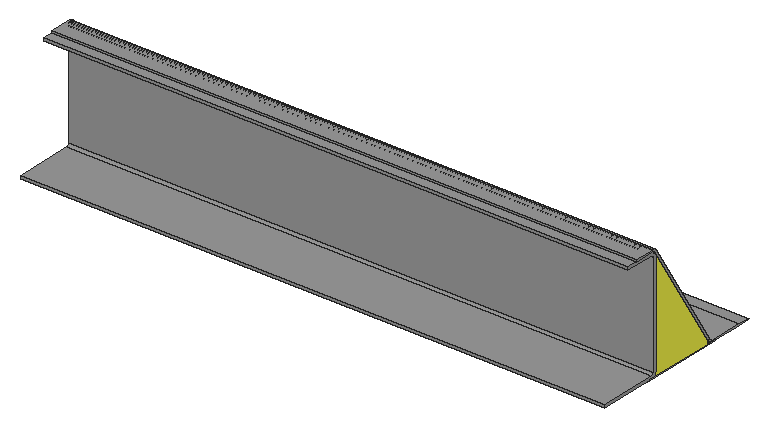
Revit family "XCFS K 150 WIL", category Generic Models, Revit 2014
Parameters (values of type "Max lintel length 3600mm")
  URL = "http://www.keystonelintels.co.uk"
  Structural Opening [instance] = 900 mm
  Structural Performance = "The Keystone lintel range has safe working loads as detailed in each applicable loading table in the Keystone Lintel Guide brochure. The structural performance figures within each table have been ascertained by testing in accordance with the requirements of standards BS EN 5977-2: 1983 and BS EN 845-2: 2003."
  RIBA Productor Selector = "available for Keystone Lintels Ltd from Keystone Lintels Ltd from ribaproductselector.com"
  Model = "XCFS/K 150 WIL"
  Min Length = 600 mm
  Min Clear Span = 300 mm
  Max Length = 3600 mm
  Max Clear Span = 3600 mm
  Material - Stainless Steel = "Grade 304 2b 1.4307 to BS EN 10088-2. Other grades available on request: contact manufacturer."
  Material - Galvanised Steel = "To BS EN 10346: 2009. DX51D plus Z600 or grade Z275 to BS 5977-2: 1983 (BS EN 845-2: 2003)."
  Manufacturer = "Keystone"
  Manufactured Length [instance] = (roundup(Effective Length / 150 mm) * 150 mm)  # 1200 mm
  Lintel height [instance] = 2100 mm
  Keynote = "F30/755"
  Fire Performance = "Keystone lintels have been subjected to a fire test (WARRES No. 101263) in accordance with BS 476-20: 1987, at Exova Warrington Fire and achieved a one hour fire performance."
  End Bearing = 150 mm
  Effective Length [instance] = Clear Opening with MIN MAX set + End Bearing * 2  # 1200 mm
  Corrosion = "Keystone’s standard range of lintels are manufactured from high quality grade pre-galvanized carbon steel with a zinc coating of 600"
  Contact Tel = "+44 (0)28 8676 2184"
  Contact Email = "info@keystonelintels.co.uk"
  Clear Opening with MIN MAX set [instance] = if(Structural Opening < Min Clear Span, Min Clear Span, (if(Structural Opening > Max Clear Span, Max Clear Span, Structural Opening)))  # 900 mm
  CPD Information = "Available for Keystone Lintels Ltd from ribacpd.com"
Reference planes
  plane 1 "Center (Front/Back)": y = 0
  plane 2: z = 0
  plane 3 "Center (Left/Right)": x = 0
  plane 4: x = -600
  plane 5: x = 600
  plane 6: z = 2100
  plane 7: x = -450
  plane 8: x = 450
Forms (mm)
  Extrusion 1, solid, material "Steel"
    sketch origin (0, 703.179, -493.091) x (0, 1, 0) y (0, 0, 1)
      loop
        line (-533.078, 2592.24) -> (-532.968, 2595.438) -> (-557.968, 2596.291) -> (-626.361, 2596.291)
        arc (-626.361, 2596.291) -> (-629.053, 2597.042) -> (-630.967, 2599.077) r 5.2
        line (-630.967, 2599.077) -> (-769.723, 2825.605)
        arc (-769.723, 2825.605) -> (-771.637, 2827.641) -> (-774.328, 2828.391) r 5.2
        line (-774.328, 2828.391) -> (-819.391, 2828.391) -> (-819.391, 2825.191) -> (-774.328, 2825.191)
        arc (-774.328, 2825.191) -> (-773.293, 2824.902) -> (-772.557, 2824.12) r 2
        line (-772.557, 2824.12) -> (-633.801, 2597.591)
        arc (-633.801, 2597.591) -> (-630.709, 2594.304) -> (-626.361, 2593.091) r 8.4
        line (-626.361, 2593.091) -> (-558.023, 2593.091) -> (-533.078, 2592.24)
    from -600 to 600
  Extrusion 2, solid, material "Steel"
    sketch origin (0, 703.179, -493.091) x (0, 1, 0) y (0, 0, 1)
      loop
        arc (-781.004, 2593.091) -> (-773.933, 2596.02) -> (-771.004, 2603.091) r 10
        line (-771.004, 2603.091) -> (-771.004, 2815.191)
        arc (-771.004, 2815.191) -> (-773.933, 2822.262) -> (-781.004, 2825.191) r 10
        line (-781.004, 2825.191) -> (-841.004, 2825.191) -> (-841.004, 2820.191) -> (-781.004, 2820.191)
        arc (-781.004, 2820.191) -> (-777.468, 2818.727) -> (-776.004, 2815.191) r 5
        line (-776.004, 2815.191) -> (-776.004, 2603.091)
        arc (-776.004, 2603.091) -> (-777.468, 2599.556) -> (-781.004, 2598.091) r 5
        line (-781.004, 2598.091) -> (-901.004, 2598.091) -> (-901.004, 2593.091) -> (-781.004, 2593.091)
    from -600 to 600
  Extrusion 3, solid, material "Steel"
    sketch origin (0, 703.179, -493.091) x (0, 1, 0) y (0, 0, 1)
      loop
        line (-789.673, 2592.091) -> (-618.945, 2592.091) -> (-618.945, 2593.091) -> (-635.945, 2593.091) -> (-635.945, 2601.091) -> (-636.945, 2601.091) -> (-636.945, 2593.091) -> (-789.673, 2593.091) -> (-789.673, 2592.091)
    from -600 to 600
  Extrusion 4, solid, material "Insulation"
    sketch origin (0, 703.179, -493.091) x (0, 1, 0) y (0, 0, 1)
      loop
        arc (-626.361, 2593.091) -> (-630.709, 2594.304) -> (-633.801, 2597.591) r 8.4
        line (-633.801, 2597.591) -> (-772.557, 2824.12)
        arc (-772.557, 2824.12) -> (-773.293, 2824.902) -> (-774.328, 2825.191) r 2
        line (-774.328, 2825.191) -> (-781.004, 2825.191)
        arc (-781.004, 2825.191) -> (-773.933, 2822.262) -> (-771.004, 2815.191) r 10
        line (-771.004, 2815.191) -> (-771.004, 2603.091)
        arc (-771.004, 2603.091) -> (-773.933, 2596.02) -> (-781.004, 2593.091) r 10
        line (-781.004, 2593.091) -> (-636.945, 2593.091) -> (-636.945, 2601.091) -> (-635.945, 2600.66) -> (-635.945, 2593.091) -> (-626.361, 2593.091)
    from -600 to 600
  Extrusion 5, solid, not visible
    sketch origin (0, 953.273, 1195.213) x (0, 1, 0) y (0, 0, 1)
      loop
        line (-533.078, 992.24) -> (-532.968, 995.438) -> (-557.968, 996.291) -> (-626.361, 996.291)
        arc (-626.361, 996.291) -> (-629.053, 997.042) -> (-630.967, 999.077) r 5.2
        line (-630.967, 999.077) -> (-769.723, 1225.605)
        arc (-769.723, 1225.605) -> (-771.637, 1227.641) -> (-774.328, 1228.391) r 5.2
        line (-774.328, 1228.391) -> (-819.391, 1228.391) -> (-819.391, 1225.191) -> (-774.328, 1225.191)
        arc (-774.328, 1225.191) -> (-773.293, 1224.902) -> (-772.557, 1224.12) r 2
        line (-772.557, 1224.12) -> (-633.801, 997.591)
        arc (-633.801, 997.591) -> (-630.709, 994.304) -> (-626.361, 993.091) r 8.4
        line (-626.361, 993.091) -> (-558.023, 993.091) -> (-533.078, 992.24)
    from 0 to 250
  Extrusion 6, solid, not visible
    sketch origin (0, 679.424, 1190.084) x (0, 1, 0) y (0, 0, 1)
      loop
        arc (-781.004, 993.091) -> (-773.933, 996.02) -> (-771.004, 1003.091) r 10
        line (-771.004, 1003.091) -> (-771.004, 1215.191)
        arc (-771.004, 1215.191) -> (-773.933, 1222.262) -> (-781.004, 1225.191) r 10
        line (-781.004, 1225.191) -> (-841.004, 1225.191) -> (-841.004, 1220.191) -> (-781.004, 1220.191)
        arc (-781.004, 1220.191) -> (-777.468, 1218.727) -> (-776.004, 1215.191) r 5
        line (-776.004, 1215.191) -> (-776.004, 1003.091)
        arc (-776.004, 1003.091) -> (-777.468, 999.556) -> (-781.004, 998.091) r 5
        line (-781.004, 998.091) -> (-901.004, 998.091) -> (-901.004, 993.091) -> (-781.004, 993.091)
    from 0 to 250
  Extrusion 7, solid, not visible
    sketch origin (0, 900.028, 1033.92) x (0, 1, 0) y (0, 0, 1)
      loop
        line (-789.673, 992.091) -> (-618.945, 992.091) -> (-618.945, 993.091) -> (-635.945, 993.091) -> (-635.945, 1001.091) -> (-636.945, 1001.091) -> (-636.945, 993.091) -> (-789.673, 993.091) -> (-789.673, 992.091)
    from 0 to 250
  Extrusion 8, solid, not visible
    sketch origin (0, 555.205, 844.653) x (0, 1, 0) y (0, 0, 1)
      loop
        arc (-626.361, 993.091) -> (-630.709, 994.304) -> (-633.801, 997.591) r 8.4
        line (-633.801, 997.591) -> (-772.557, 1224.12)
        arc (-772.557, 1224.12) -> (-773.293, 1224.902) -> (-774.328, 1225.191) r 2
        line (-774.328, 1225.191) -> (-781.004, 1225.191)
        arc (-781.004, 1225.191) -> (-773.933, 1222.262) -> (-771.004, 1215.191) r 10
        line (-771.004, 1215.191) -> (-771.004, 1003.091)
        arc (-771.004, 1003.091) -> (-773.933, 996.02) -> (-781.004, 993.091) r 10
        line (-781.004, 993.091) -> (-636.945, 993.091) -> (-636.945, 1001.091) -> (-635.945, 1000.66) -> (-635.945, 993.091) -> (-626.361, 993.091)
    from 0 to 250
Dimensions and locks
  equal spacing: plane 4, plane 3 "Center (Left/Right)", plane 5
  "Manufactured Length": plane 4 to plane 5
  "Lintel height": plane 6 to level
  "Structural Opening": plane 7 to plane 8
  equal spacing: plane 7, plane 3 "Center (Left/Right)", plane 8
  aligned and locked: level to plane 2
  aligned and locked: Extrusion 1 to plane 6
  aligned and locked: Extrusion 4 to plane 6
  aligned and locked: Extrusion 2 to plane 6
  aligned and locked: plane 6 to Extrusion 3
  aligned and locked: plane 5 to Extrusion 2
  aligned and locked: Extrusion 2 to plane 4
  aligned and locked: plane 5 to Extrusion 1
  aligned and locked: Extrusion 1 to plane 4
  aligned and locked: plane 5 to Extrusion 4
  aligned and locked: Extrusion 4 to plane 4
  aligned and locked: plane 5 to Extrusion 3
  aligned and locked: Extrusion 3 to plane 4
Automatic sketch dimensions
  Extrusion 1 sketch curve to Extrusion 1 sketch curve = 68.338 mm
  Extrusion 1 sketch curve to Extrusion 1 sketch curve = 24.945 mm
  Extrusion 1 sketch curve to Extrusion 1 sketch curve = 0.851 mm
  Extrusion 1 sketch curve to Extrusion 1 sketch curve = 0.109 mm
  Extrusion 1 sketch curve to Extrusion 1 sketch curve = 0.055 mm
  Extrusion 1 sketch curve to Extrusion 1 sketch curve = 0 mm  (x8)
  Extrusion 1 sketch curve to Extrusion 1 sketch curve = 5.2 mm
  Extrusion 1 sketch curve to Extrusion 1 sketch curve = 7.44 mm
  Extrusion 1 sketch curve to Extrusion 1 sketch curve = 2.834 mm  (x2)
  Extrusion 1 sketch curve to Extrusion 1 sketch curve = 138.756 mm
  Extrusion 1 sketch curve to Extrusion 1 sketch curve = 226.529 mm
  Extrusion 1 sketch curve to Extrusion 1 sketch curve = 1.486 mm
  Extrusion 1 sketch curve to Extrusion 1 sketch curve = 1.771 mm
  Extrusion 1 sketch curve to Extrusion 1 sketch curve = 0.929 mm
  Extrusion 1 sketch curve to Extrusion 1 sketch curve = 45.062 mm
  Extrusion 2 sketch curve to Extrusion 2 sketch curve = 120 mm
  Extrusion 2 sketch curve to Extrusion 2 sketch curve = 5 mm  (x3)
  Extrusion 2 sketch curve to Extrusion 2 sketch curve = 212.1 mm
  Extrusion 2 sketch curve to Extrusion 2 sketch curve = 0 mm  (x8)
  Extrusion 2 sketch curve to Extrusion 2 sketch curve = 60 mm
  Extrusion 3 sketch curve to Extrusion 3 sketch curve = 170.728 mm
  Extrusion 3 sketch curve to Extrusion 3 sketch curve = 1 mm  (x2)
  Extrusion 3 sketch curve to Extrusion 3 sketch curve = 17 mm
  Extrusion 3 sketch curve to Extrusion 3 sketch curve = 8 mm
  Extrusion 3 sketch curve to Extrusion 3 sketch curve = 0 mm
  Extrusion 4 sketch curve to Extrusion 4 sketch curve = 0 mm  (x5)
  Extrusion 4 sketch curve to Extrusion 4 sketch curve = 6.676 mm
  Extrusion 4 sketch curve to Extrusion 4 sketch curve = 1.771 mm
  Extrusion 4 sketch curve to Extrusion 4 sketch curve = 10 mm  (x2)
  Extrusion 4 sketch curve to Extrusion 4 sketch curve = 134.059 mm
  Extrusion 4 sketch curve to Extrusion 4 sketch curve = 1 mm
  Extrusion 4 sketch curve to Extrusion 4 sketch curve = 2.144 mm
  Extrusion 4 sketch curve to Extrusion 4 sketch curve = 7.44 mm
  Extrusion 4 sketch curve to Extrusion 4 sketch curve = 4.5 mm
  Extrusion 4 sketch curve to Extrusion 4 sketch curve = 3.5 mm
  Extrusion 4 sketch curve to Extrusion 4 sketch curve = 8.4 mm
  Extrusion 4 sketch curve to Extrusion 4 sketch curve = 212.1 mm
  Extrusion 4 sketch curve to Extrusion 4 sketch curve = 2 mm
  Extrusion 4 sketch curve to Extrusion 4 sketch curve = 0.929 mm
  Extrusion 4 sketch curve to Extrusion 4 sketch curve = 0.431 mm
  Extrusion 5 sketch curve to Extrusion 5 sketch curve = 68.338 mm
  Extrusion 5 sketch curve to Extrusion 5 sketch curve = 24.945 mm
  Extrusion 5 sketch curve to Extrusion 5 sketch curve = 0.851 mm
  Extrusion 5 sketch curve to Extrusion 5 sketch curve = 0.109 mm
  Extrusion 5 sketch curve to Extrusion 5 sketch curve = 0.055 mm
  Extrusion 5 sketch curve to Extrusion 5 sketch curve = 0 mm  (x8)
  Extrusion 5 sketch curve to Extrusion 5 sketch curve = 5.2 mm
  Extrusion 5 sketch curve to Extrusion 5 sketch curve = 7.44 mm
  Extrusion 5 sketch curve to Extrusion 5 sketch curve = 2.834 mm  (x2)
  Extrusion 5 sketch curve to Extrusion 5 sketch curve = 138.756 mm
  Extrusion 5 sketch curve to Extrusion 5 sketch curve = 226.529 mm
  Extrusion 5 sketch curve to Extrusion 5 sketch curve = 1.486 mm
  Extrusion 5 sketch curve to Extrusion 5 sketch curve = 1.771 mm
  Extrusion 5 sketch curve to Extrusion 5 sketch curve = 0.929 mm
  Extrusion 5 sketch curve to Extrusion 5 sketch curve = 45.062 mm
  Extrusion 6 sketch curve to Extrusion 6 sketch curve = 120 mm
  Extrusion 6 sketch curve to Extrusion 6 sketch curve = 5 mm  (x3)
  Extrusion 6 sketch curve to Extrusion 6 sketch curve = 0 mm  (x8)
  Extrusion 6 sketch curve to Extrusion 6 sketch curve = 212.1 mm
  Extrusion 6 sketch curve to Extrusion 6 sketch curve = 60 mm
  Extrusion 7 sketch curve to Extrusion 7 sketch curve = 170.728 mm
  Extrusion 7 sketch curve to Extrusion 7 sketch curve = 1 mm  (x2)
  Extrusion 7 sketch curve to Extrusion 7 sketch curve = 17 mm
  Extrusion 7 sketch curve to Extrusion 7 sketch curve = 8 mm
  Extrusion 7 sketch curve to Extrusion 7 sketch curve = 0 mm
  Extrusion 8 sketch curve to Extrusion 8 sketch curve = 0 mm  (x5)
  Extrusion 8 sketch curve to Extrusion 8 sketch curve = 6.676 mm
  Extrusion 8 sketch curve to Extrusion 8 sketch curve = 1.771 mm
  Extrusion 8 sketch curve to Extrusion 8 sketch curve = 10 mm  (x2)
  Extrusion 8 sketch curve to Extrusion 8 sketch curve = 134.059 mm
  Extrusion 8 sketch curve to Extrusion 8 sketch curve = 1 mm
  Extrusion 8 sketch curve to Extrusion 8 sketch curve = 2.144 mm
  Extrusion 8 sketch curve to Extrusion 8 sketch curve = 7.44 mm
  Extrusion 8 sketch curve to Extrusion 8 sketch curve = 4.5 mm
  Extrusion 8 sketch curve to Extrusion 8 sketch curve = 3.5 mm
  Extrusion 8 sketch curve to Extrusion 8 sketch curve = 8.4 mm
  Extrusion 8 sketch curve to Extrusion 8 sketch curve = 212.1 mm
  Extrusion 8 sketch curve to Extrusion 8 sketch curve = 2 mm
  Extrusion 8 sketch curve to Extrusion 8 sketch curve = 0.929 mm
  Extrusion 8 sketch curve to Extrusion 8 sketch curve = 0.431 mm
  Extrusion 2 sketch curve to plane 6 = 0 mm
  plane 1 "Center (Front/Back)" to Extrusion 2 sketch curve = 197.825 mm
  Extrusion 4 sketch curve to plane 6 = 0 mm
  plane 1 "Center (Front/Back)" to Extrusion 4 sketch curve = 77.825 mm
  Extrusion 3 sketch curve to plane 6 = 0 mm
  plane 1 "Center (Front/Back)" to Extrusion 3 sketch curve = 86.494 mm
  Extrusion 1 sketch curve to plane 6 = 0 mm
  plane 1 "Center (Front/Back)" to Extrusion 1 sketch curve = 116.212 mm
